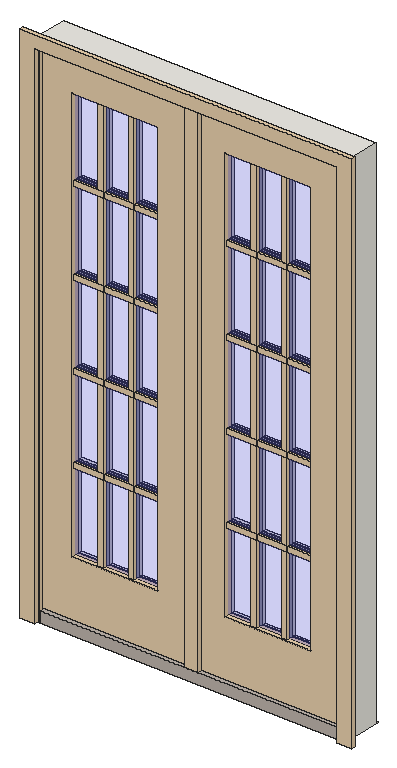
Revit family "Door-Inswing-Andersen-400_Series-Double 3", category Doors, host Wall, Revit 2013 (continued)
Lines and regions (in)
  symbolic lines, style "DoorsPanelProjection", detail levels fine
    curve 326: line (-4.91241, -3.469, 0) -> (-5.11744, -3.217, 0)
    curve 327: line (-5.11744, -3.217, 0) -> (-5.14844, -3.031, 0)
    curve 328: line (-5.14844, -3.031, 0) -> (-5.14844, -2.969, 0)
    curve 329: line (-5.14844, -2.969, 0) -> (-4.39844, -2.969, 0)
    curve 330: line (-4.39844, -3.53125, 0) -> (-4.39844, -2.219, 0)
    curve 331: line (-4.39844, -2.219, 0) -> (-5.14844, -2.219, 0)
    curve 332: line (-5.14844, -2.219, 0) -> (-5.14844, -2.125, 0)
    curve 333: line (-5.14844, -2.125, 0) -> (-5.11809, -1.81275, 0)
    curve 362: line (4.39844, -3.53125, 0) -> (4.39844, -3.469, 0)
    curve 363: line (4.39844, -3.469, 0) -> (4.91241, -3.469, 0)
    curve 364: line (4.91241, -3.469, 0) -> (5.11744, -3.217, 0)
    curve 365: line (5.11744, -3.217, 0) -> (5.14844, -3.031, 0)
    curve 366: line (5.14844, -3.031, 0) -> (5.14844, -2.969, 0)
    curve 367: line (5.14844, -2.969, 0) -> (4.39844, -2.969, 0)
    curve 368: line (4.39844, -3.53125, 0) -> (4.39844, -2.219, 0)
    curve 369: line (4.39844, -2.219, 0) -> (5.14844, -2.219, 0)
    curve 370: line (5.14844, -2.219, 0) -> (5.14844, -2.125, 0)
    curve 371: line (5.14844, -2.125, 0) -> (5.11809, -1.81275, 0)
  symbolic lines, style "DoorsPanelProjection", not visible, detail levels fine
    curve 181: line (13.375, -3.78125, 0) -> (13.375, -3.719, 0)
    curve 182: line (13.375, -3.719, 0) -> (12.86103, -3.719, 0)
    curve 183: line (12.86103, -3.719, 0) -> (12.656, -3.467, 0)
    curve 184: line (12.656, -3.467, 0) -> (12.625, -3.281, 0)
    curve 185: line (12.625, -3.281, 0) -> (12.625, -3.219, 0)
    curve 186: line (12.625, -3.219, 0) -> (13.375, -3.219, 0)
    curve 187: line (13.375, -3.78125, 0) -> (13.375, -2.469, 0)
    curve 188: line (13.375, -2.469, 0) -> (12.625, -2.469, 0)
    curve 189: line (12.625, -2.469, 0) -> (12.625, -2.375, 0)
    curve 190: line (12.625, -2.375, 0) -> (12.65534, -2.06275, 0)
    curve 343: line (11.20547, -15.95451, 0) -> (11.20547, -15.89226, 0)
    curve 344: line (11.20547, -15.89226, 0) -> (10.6915, -15.89226, 0)
    curve 345: line (10.6915, -15.89226, 0) -> (10.48647, -15.64026, 0)
    curve 346: line (10.48647, -15.64026, 0) -> (10.45547, -15.45426, 0)
    curve 347: line (10.45547, -15.45426, 0) -> (10.45547, -15.39226, 0)
    curve 348: line (10.45547, -15.39226, 0) -> (11.20547, -15.39226, 0)
    curve 349: line (11.20547, -15.95451, 0) -> (11.20547, -14.64226, 0)
    curve 350: line (11.20547, -14.64226, 0) -> (10.45547, -14.64226, 0)
    curve 351: line (10.45547, -14.64226, 0) -> (10.45547, -14.54826, 0)
    curve 352: line (10.45547, -14.54826, 0) -> (10.48581, -14.23601, 0)
  symbolic lines, style "DoorsGlassProjection", detail levels medium+fine
    curve 223: line (-5.14844, -2.21875, 0) -> (-18.375, -2.21875, 0)
    curve 224: line (-5.14844, -2.96875, 0) -> (-18.375, -2.96875, 0)
    curve 269: line (18.375, -2.96875, 0) -> (5.14844, -2.96875, 0)
    curve 408: line (18.375, -2.21875, 0) -> (5.14844, -2.21875, 0)
  symbolic lines, style "DoorsFrameMullionProjection", visible <- "xjamb Visibility", detail levels medium+fine
    curve 232: line (0, -3.9375, 79.25) -> (0, -4, 79.25)
  symbolic lines, style "DoorsFrameMullionProjection", visible <- "Interior Trim Visibility", detail levels fine
    curve 233: line (0, -4, 79.25) -> (0, -4.625, 79.25)
  symbolic lines, style "Plan Swing"
    curve 301: line (-22.8125, -3.53125, 0) -> (-22.8125, -25.63281, 0)
    curve 302: arc (-22.8125, -25.63281, 0) -> (-7.18434, -19.15941, 0) -> (-0.71094, -3.53125, 0) r 22.10156
    curve 392: line (22.8125, -3.53125, 0) -> (22.8125, -25.63281, 0)
    curve 393: arc (22.8125, -25.63281, 0) -> (7.18434, -19.15941, 0) -> (0.71094, -3.53125, 0) r 22.10156
  symbolic lines, style "Elevation Swing", detail levels medium+fine
    curve 304: line (-5.14844, -1.8125, 0) -> (-1.3004, -1.8125, 0)
    curve 305: line (-0.71112, -2.21875, 0) -> (-0.71112, -3.96875, 0)
  symbolic lines, style "Elevation Swing"
    curve 394: line (22.8125, -1.8125, 40.34375) -> (0.71094, -1.8125, 78.8125)
    curve 395: line (22.8125, -1.8125, 40.34375) -> (0.71094, -1.8125, 1.875)
    curve 396: line (22.8125, -3.53125, 40.34375) -> (0.71094, -3.53125, 78.8125)
    curve 397: line (22.8125, -3.53125, 40.34375) -> (0.71094, -3.53125, 1.875)
    curve 398: line (-22.8125, -1.8125, 40.34375) -> (-0.71094, -1.8125, 78.8125)
    curve 399: line (-22.8125, -1.8125, 40.34375) -> (-0.71094, -1.8125, 1.875)
    curve 400: line (-22.8125, -3.53125, 40.34375) -> (-0.71094, -3.53125, 1.875)
    curve 401: line (-22.8125, -3.53125, 40.34375) -> (-0.71094, -3.53125, 78.8125)
  symbolic lines, style "DoorsPanelProjection", detail levels medium
    curve 402: line (-18.375, -3.53125, 0) -> (-18.375, -1.81275, 0)
    curve 404: line (18.375, -3.53125, 0) -> (18.375, -1.81275, 0)
    curve 405: line (-5.14844, -3.53125, 0) -> (-5.14844, -1.8125, 0)
    curve 407: line (5.14844, -3.53125, 0) -> (5.14844, -1.8125, 0)
  symbolic lines, style "DoorsPanelProjection", not visible, detail levels medium
    curve 403: line (12.625, -3.78125, 0) -> (12.625, -2.06275, 0)
    curve 406: line (10.45547, -15.95451, 0) -> (10.45547, -14.23576, 0)
Text (in)
  text "Exterior" at (-74.96733, 27.31104, 0), in view "Ref. Level"
  text "Interior" at (-74.96733, -25.14366, 0), in view "Ref. Level"
  text "Exterior" at (0, 40.15149, 123.01588), in view "Right"
  text "Interior" at (0, -64.39139, 123.01588), in view "Right"
  text "Interior" at (0, -31.01599, 123.00693), in view "Left"
  text "Exterior" at (0, 54.57065, 123.00693), in view "Left"
Dimensions and locks (in)
  equal spacing: plane 3 "R Frame", plane 2 "Center (Left/Right)", plane 4 "L Frame"
  "CTRL Height": level to plane 5 "T Frame"
  "Width": plane 3 "R Frame" to plane 4 "L Frame"
  host wall to plane 5 "T Frame" = 6' - 8"
  locked: plane 8 "Interior Casing" to host wall at 0.625
  locked: plane 13 "Exterior Offset" to host wall at 1
  "Void Offset 1": plane 4 "L Frame" to Extrusion 2 sketch curve
  "Void Offset 1": plane 5 "T Frame" to Extrusion 2 sketch curve
  "Void Offset 1": Extrusion 2 sketch curve to plane 3 "R Frame"
  "casing1": plane 25 "L Casing 1" to plane 4 "L Frame"
  "Rough Opening Offset": plane 4 "L Frame" to plane 26 "L Rough Opening"
  "casing4": plane 4 "L Frame" to plane 22 "L Casing 4"
  "casing2": plane 24 "L Casing 2" to plane 22 "L Casing 4"
  "casing3": plane 23 "L Casing 3" to plane 22 "L Casing 4"
  "casing1": plane 3 "R Frame" to plane 16 "R Casing 1"
  "Rough Opening Offset": plane 15 "R Rough Opening" to plane 3 "R Frame"
  "casing4": plane 19 "R Casing 4" to plane 3 "R Frame"
  "casing2": plane 19 "R Casing 4" to plane 17 "R Casing 2"
  "casing3": plane 19 "R Casing 4" to plane 18 "R Casing 3"
  "casing1": plane 28 "T Casing 1" to plane 5 "T Frame"
  locked: plane 5 "T Frame" to plane 27 "T Rough Opening" at 0.5
  "casing4": plane 5 "T Frame" to plane 31 "T Casing 4"
  "casing2": plane 29 "T Casing 2" to plane 31 "T Casing 4"
  "casing3": plane 30 "T Casing 3" to plane 31 "T Casing 4"
  locked: plane 3 "R Frame" to plane 34 "R Xjamb 2" at 0.125
  locked: plane 3 "R Frame" to plane 35 "R Ext Frame" at 1.03125
  locked: plane 37 "L Xjamb 2" to plane 4 "L Frame" at 0.125
  locked: plane 38 "L Ext Frame" to plane 4 "L Frame" at 1.03125
  locked: plane 40 "T Xjamb 2" to plane 5 "T Frame" at 0.125
  locked: plane 41 "T Ext Frame" to plane 5 "T Frame" at 1.03125
  "Interior Trim Size": plane 41 "T Ext Frame" to plane 39 "T Int Casing"
  locked: plane 44 "T Panel" to plane 5 "T Frame" at 1.1875
  locked: plane 3 "R Frame" to plane 43 "R Panel" at 1.1875
  locked: plane 50 "Panel1 S1" to plane 51 "Panel1 S2" at 1.71875
  "xjamb S1": plane 52 "Xjamb S1" to plane 9 "Frame S2"
  locked: Extrusion 2 to host wall at 12
  "Void Depth": plane 13 "Exterior Offset" to Extrusion 2
  "Wall Thickness": host wall to host wall
  "Wall Depth": host wall to plane 10 "Flange"
  "Frame Depth": plane 53 "Frame S1" to plane 9 "Frame S2"
  locked: plane 53 "Frame S1" to plane 54 "Stop Exterior" at 2.51868
  locked: plane 55 "Stop Interior" to plane 9 "Frame S2" at 2.219
  "Panel Height": plane 45 "B Panel" to plane 44 "T Panel"
  "Sill Interior Offset": plane 9 "Frame S2" to plane 56 "Sill Interior"
  locked: plane 58 "L Stop" to plane 38 "L Ext Frame" at 1.03125
  locked: plane 35 "R Ext Frame" to plane 59 "R Stop" at 1.03125
  "Sill Depth": plane 57 "Sill Exterior" to plane 56 "Sill Interior"
  locked: plane 60 "T Stop" to plane 41 "T Ext Frame" at 1.03125
  "Sill Height": level to plane 61 "Sill Height"
  locked: curve 14 to plane 3 "R Frame" at 1.625
  locked: plane 4 "L Frame" to curve 15 at 1.625
  locked: plane 5 "T Frame" to curve 16 at 1.625
  locked: plane 51 "Panel1 S2" to plane 9 "Frame S2" at 0.46875
  locked: plane 50 "Panel1 S1" to plane 62 "Glass1 S1" at 0.40625
  locked: plane 62 "Glass1 S1" to plane 65 "Glass1 S4" at 0.75
  locked: plane 62 "Glass1 S1" to plane 64 "Glass1 S2" at 0.15625
  locked: plane 63 "Glass1 S3" to plane 65 "Glass1 S4" at 0.15625
  "HGO": plane 47 "T Glazing" to plane 5 "T Frame"
  "SGO": plane 46 "B Glazing" to level
  group 8 to group 7 = 0' - 4.6849"
  group 7 to group 8 = 0' - 0"  (x2)
  "VGB DLO": nested 2 to plane 48 "L Glazing"
  "VGB DLO": plane 49 "R Glazing" to nested 5
  equal spacing: plane 66 "Vert Bar length", nested 3, plane 47 "T Glazing"
  "TS V Bar Length": plane 66 "Vert Bar length" to plane 47 "T Glazing"
  "JGO": plane 3 "R Frame" to plane 49 "R Glazing"
  locked: plane 48 "L Glazing" to plane 42 "L Panel" at 4.4375
  "TS SH DLO": nested 4 to plane 5 "T Frame"
  equal spacing: group 9, group 23, group 24, group 10  (x2)
  equal spacing: group 10, group 24, group 23, group 9
  "TS HGB DLO": nested 6 to plane 47 "T Glazing"  (x2)
  "TS HGB DLO": plane 66 "Vert Bar length" to nested 7  (x2)
  "casingS1": plane 12 "Casing S1" to plane 53 "Frame S1"
  "casingS2": plane 11 "Casing S2" to plane 53 "Frame S1"
  locked: plane 67 "L Xjamb 1" to plane 4 "L Frame" at 0.75
  "Interior Trim Size": plane 67 "L Xjamb 1" to plane 36 "L Int Casing"
  locked: plane 3 "R Frame" to plane 68 "R Xjamb S1" at 0.75
  "Interior Trim Size": plane 33 "R Int Casing" to plane 68 "R Xjamb S1"
  plane 69 "T Xjamb S1" to plane 5 "T Frame" = 0' - 0 3/4"
  locked: plane 53 "Frame S1" to plane 10 "Flange" at 1.3125
  equal spacing: plane 45 "B Panel", plane 70 "Center Elevation", plane 44 "T Panel"
  "Panel Width": plane 43 "R Panel" to plane 42 "L Panel"
  locked: plane 71 "R of Right Panel" to plane 4 "L Frame" at 1.1875
  "Panel Width": plane 72 "Left of Right Panel" to plane 71 "R of Right Panel"
  locked: plane 72 "Left of Right Panel" to plane 74 "L Glazing Right Panel" at 4.4375
  "JGO": plane 73 "R Glazing of Right Panel" to plane 4 "L Frame"
  equal spacing: plane 43 "R Panel", plane 75 "Center of Left Panel", plane 42 "L Panel"
  equal spacing: plane 72 "Left of Right Panel", plane 76 "Center of Right Panel", plane 71 "R of Right Panel"
  "Panel Width": plane 51 "Panel1 S2" to curve 301
  plane 66 "Vert Bar length" to plane 47 "T Glazing" = 5' - 3 7/8"
  locked: plane 51 "Panel1 S2" to Sweep 22 sketch curve at 0.46875
  equal spacing: Sweep 22 sketch curve, plane 2 "Center (Left/Right)", Sweep 22 sketch curve  (x2)
  locked: Sweep 22 sketch curve to plane 2 "Center (Left/Right)" at 1.58823
  locked: Sweep 22 sketch curve to plane 2 "Center (Left/Right)" at 1.32729
  locked: plane 2 "Center (Left/Right)" to Sweep 22 sketch curve at 1.37983
  locked: Sweep 22 sketch curve to plane 2 "Center (Left/Right)" at 0.71094
  locked: Sweep 22 sketch curve to plane 50 "Panel1 S1" at 1.50447
  "Panel Width": plane 51 "Panel1 S2" to curve 393
  equal spacing: plane 66 "Vert Bar length", nested 12, plane 47 "T Glazing"
  "TS SH DLO": nested 11 to plane 5 "T Frame"
  "TS HGB DLO": nested 14 to plane 47 "T Glazing"
  equal spacing: group 19, group 25, group 26, group 20  (x2)
  equal spacing: group 20, group 26, group 25, group 19
  "TS HGB DLO": plane 66 "Vert Bar length" to nested 15
  "VGB DLO": nested 13 to plane 74 "L Glazing Right Panel"
  group 21 to group 22 = 0' - 4.6849"
  group 21 to group 22 = 0' - 0"  (x2)
  "VGB DLO": plane 73 "R Glazing of Right Panel" to nested 16
  locked: plane 50 "Panel1 S1" to Sweep 21 sketch curve at 0.43675
  equal spacing: plane 20 "R Masonry Opening", plane 2 "Center (Left/Right)", plane 21 "L Masonry Opening"
  "Masonry Width": plane 20 "R Masonry Opening" to plane 21 "L Masonry Opening"
  "Masonry Height": level to plane 32 "T Masonry Opening"
  "Panel Width": radius of curve 302
  "Panel Width": radius of curve 393
  aligned and locked: plane 6 "Wall S1" to host wall
  aligned and locked: plane 7 "Wall S2" to host wall
  aligned and locked: plane 5 "T Frame" to Extrusion 1 sketch curve
  aligned and locked: plane 4 "L Frame" to Extrusion 1 sketch curve
  aligned and locked: Extrusion 1 sketch curve to plane 3 "R Frame"
  aligned and locked: level to Extrusion 1 sketch curve
  aligned and locked: host wall to Extrusion 1
  aligned and locked: plane 10 "Flange" to Extrusion 1
  aligned and locked: level to Extrusion 2 sketch curve
  aligned and locked: level to Sweep 3 sketch curve  (x2)
  aligned and locked: plane 22 "L Casing 4" to Sweep 3 sketch curve  (x2)
  aligned and locked: plane 31 "T Casing 4" to Sweep 3 sketch curve
  aligned and locked: Sweep 3 sketch curve to plane 19 "R Casing 4"
  aligned and locked: plane 23 "L Casing 3" to Sweep 3 sketch curve
  aligned and locked: plane 11 "Casing S2" to Sweep 3 sketch curve
  aligned and locked: plane 24 "L Casing 2" to Sweep 3 sketch curve
  aligned and locked: Sweep 3 sketch curve to plane 12 "Casing S1"
  aligned and locked: plane 10 "Flange" to Sweep 3 sketch curve
  aligned and locked: Sweep 3 sketch curve to plane 25 "L Casing 1"
  aligned and locked: Sweep 3 sketch curve to plane 11 "Casing S2"
  aligned and locked: level to Extrusion 4 sketch curve  (x2)
  aligned and locked: plane 22 "L Casing 4" to Extrusion 4 sketch curve
  aligned and locked: Extrusion 4 sketch curve to plane 25 "L Casing 1"
  aligned and locked: plane 31 "T Casing 4" to Extrusion 4 sketch curve
  aligned and locked: Extrusion 4 sketch curve to plane 28 "T Casing 1"
  aligned and locked: Extrusion 4 sketch curve to plane 19 "R Casing 4"
  aligned and locked: plane 16 "R Casing 1" to Extrusion 4 sketch curve
  aligned and locked: Extrusion 4 to plane 10 "Flange"
  aligned and locked: plane 12 "Casing S1" to curve 1
  aligned and locked: plane 30 "T Casing 3" to curve 1
  aligned and locked: plane 29 "T Casing 2" to curve 1
  aligned and locked: plane 11 "Casing S2" to Sweep 3
  aligned and locked: plane 11 "Casing S2" to curve 2
  aligned and locked: plane 28 "T Casing 1" to curve 3
  aligned and locked: plane 5 "T Frame" to Masking region 1 sketch curve
  aligned and locked: Masking region 1 sketch curve to plane 10 "Flange"
  aligned and locked: Masking region 1 sketch curve to plane 31 "T Casing 4"
  aligned and locked: plane 12 "Casing S1" to Masking region 1 sketch curve
  aligned and locked: Masking region 1 sketch curve to level
  aligned and locked: plane 12 "Casing S1" to curve 4
  aligned and locked: Masking region 2 sketch curve to plane 3 "R Frame"
  aligned and locked: plane 4 "L Frame" to Masking region 2 sketch curve
  aligned and locked: plane 5 "T Frame" to Masking region 3 sketch curve
  aligned and locked: plane 9 "Frame S2" to Masking region 3 sketch curve
  aligned and locked: level to Masking region 3 sketch curve
  aligned and locked: plane 12 "Casing S1" to Masking region 4 sketch curve
  aligned and locked: plane 18 "R Casing 3" to Masking region 4 sketch curve
  aligned and locked: Masking region 4 sketch curve to plane 19 "R Casing 4"
  aligned and locked: plane 16 "R Casing 1" to Masking region 4 sketch curve
  aligned and locked: plane 3 "R Frame" to Masking region 4 sketch curve
  aligned and locked: Masking region 4 sketch curve to plane 11 "Casing S2"
  aligned and locked: plane 17 "R Casing 2" to Masking region 4 sketch curve
  aligned and locked: Masking region 4 sketch curve to plane 12 "Casing S1"
  aligned and locked: plane 24 "L Casing 2" to Masking region 5 sketch curve
  aligned and locked: plane 12 "Casing S1" to Masking region 5 sketch curve  (x2)
  aligned and locked: Masking region 5 sketch curve to plane 22 "L Casing 4"
  aligned and locked: plane 4 "L Frame" to Masking region 5 sketch curve
  aligned and locked: plane 25 "L Casing 1" to Masking region 5 sketch curve
  aligned and locked: plane 11 "Casing S2" to Masking region 5 sketch curve
  aligned and locked: plane 23 "L Casing 3" to Masking region 5 sketch curve
  aligned and locked: Masking region 6 sketch curve to plane 12 "Casing S1"
  aligned and locked: Masking region 6 sketch curve to plane 19 "R Casing 4"
  aligned and locked: plane 10 "Flange" to Masking region 6 sketch curve
  aligned and locked: plane 3 "R Frame" to Masking region 6 sketch curve
  aligned and locked: Masking region 7 sketch curve to plane 12 "Casing S1"
  aligned and locked: Masking region 7 sketch curve to plane 4 "L Frame"
  aligned and locked: plane 10 "Flange" to Masking region 7 sketch curve
  aligned and locked: plane 22 "L Casing 4" to Masking region 7 sketch curve
  aligned and locked: curve 4 to plane 5 "T Frame"
  aligned and locked: level to Extrusion 5 sketch curve  (x2)
  aligned and locked: Extrusion 5 sketch curve to plane 33 "R Int Casing"
  aligned and locked: plane 39 "T Int Casing" to Extrusion 5 sketch curve
  aligned and locked: plane 36 "L Int Casing" to Extrusion 5 sketch curve
  aligned and locked: Extrusion 5 to host wall
  aligned and locked: Extrusion 5 to plane 8 "Interior Casing"
  aligned and locked: level to Extrusion 6 sketch curve  (x2)
  aligned and locked: Extrusion 6 sketch curve to plane 34 "R Xjamb 2"
  aligned and locked: plane 40 "T Xjamb 2" to Extrusion 6 sketch curve
  aligned and locked: plane 37 "L Xjamb 2" to Extrusion 6 sketch curve
  aligned and locked: plane 52 "Xjamb S1" to Extrusion 6
  aligned and locked: host wall to Extrusion 6
  aligned and locked: plane 10 "Flange" to Masking region 4 sketch curve
  aligned and locked: Masking region 5 sketch curve to plane 10 "Flange"
  aligned and locked: level to Sweep 7 sketch curve  (x2)
  aligned and locked: plane 4 "L Frame" to Sweep 7 sketch curve  (x2)
  aligned and locked: Sweep 7 sketch curve to plane 3 "R Frame"
  aligned and locked: plane 5 "T Frame" to Sweep 7 sketch curve
  aligned and locked: plane 5 "T Frame" to Sweep 8 sketch curve
  aligned and locked: plane 4 "L Frame" to Sweep 8 sketch curve  (x2)
  aligned and locked: Sweep 8 sketch curve to plane 3 "R Frame"
  aligned and locked: Sweep 8 sketch curve to plane 53 "Frame S1"
  aligned and locked: plane 9 "Frame S2" to Sweep 8 sketch curve
  aligned and locked: plane 4 "L Frame" to Sweep 9 sketch curve
  aligned and locked: plane 3 "R Frame" to Sweep 9 sketch curve
  aligned and locked: Sweep 9 sketch curve to level
  aligned and locked: plane 45 "B Panel" to Sweep 10 sketch curve  (x2)
  aligned and locked: plane 56 "Sill Interior" to Sweep 10 sketch curve
  aligned and locked: Sweep 10 sketch curve to plane 57 "Sill Exterior"
  aligned and locked: level to Sweep 10 sketch curve
  aligned and locked: Masking region 2 sketch curve to plane 57 "Sill Exterior"
  aligned and locked: plane 56 "Sill Interior" to Masking region 2 sketch curve
  aligned and locked: plane 9 "Frame S2" to curve 5
  aligned and locked: Masking region 8 sketch curve to plane 19 "R Casing 4"
  aligned and locked: plane 22 "L Casing 4" to Masking region 8 sketch curve
  aligned and locked: level to Masking region 8 sketch curve  (x2)
  aligned and locked: level to Masking region 9 sketch curve  (x2)
  aligned and locked: plane 36 "L Int Casing" to Masking region 9 sketch curve
  aligned and locked: Masking region 9 sketch curve to plane 33 "R Int Casing"
  aligned and locked: plane 39 "T Int Casing" to Masking region 9 sketch curve
  aligned and locked: plane 31 "T Casing 4" to Masking region 8 sketch curve
  aligned and locked: plane 5 "T Frame" to Masking region 9 sketch curve
  aligned and locked: plane 4 "L Frame" to Masking region 9 sketch curve
  aligned and locked: Masking region 9 sketch curve to plane 3 "R Frame"
  aligned and locked: Masking region 10 sketch curve to plane 59 "R Stop"
  aligned and locked: plane 58 "L Stop" to Masking region 10 sketch curve
  aligned and locked: level to Masking region 10 sketch curve
  aligned and locked: plane 60 "T Stop" to Masking region 10 sketch curve  (x2)
  aligned and locked: curve 6 to plane 58 "L Stop"
  aligned and locked: curve 7 to plane 59 "R Stop"
  aligned and locked: Masking region 10 sketch curve to plane 3 "R Frame"
  aligned and locked: plane 5 "T Frame" to Masking region 10 sketch curve
  aligned and locked: plane 4 "L Frame" to Masking region 10 sketch curve
  aligned and locked: plane 25 "L Casing 1" to Masking region 8 sketch curve
  aligned and locked: plane 28 "T Casing 1" to Masking region 8 sketch curve
  aligned and locked: Masking region 8 sketch curve to plane 16 "R Casing 1"
  aligned and locked: Masking region 10 sketch curve to plane 61 "Sill Height"  (x2)
  aligned and locked: curve 8 to plane 35 "R Ext Frame"
  aligned and locked: curve 9 to plane 38 "L Ext Frame"
  aligned and locked: plane 3 "R Frame" to curve 14
  aligned and locked: curve 14 to plane 10 "Flange"
  aligned and locked: plane 4 "L Frame" to curve 15
  aligned and locked: plane 5 "T Frame" to curve 16
  aligned and locked: plane 10 "Flange" to curve 16
  aligned and locked: plane 9 "Frame S2" to Sweep 7 sketch curve
  aligned and locked: Sweep 7 sketch curve to plane 38 "L Ext Frame"  (x2)
  aligned and locked: Sweep 7 sketch curve to plane 53 "Frame S1"
  aligned and locked: Sweep 7 sketch curve to plane 58 "L Stop"
  aligned and locked: curve 59 to plane 53 "Frame S1"
  aligned and locked: plane 53 "Frame S1" to curve 45
  aligned and locked: plane 4 "L Frame" to curve 39
  aligned and locked: plane 3 "R Frame" to curve 53
  aligned and locked: plane 55 "Stop Interior" to Sweep 7 sketch curve
  aligned and locked: Sweep 8 sketch curve to plane 38 "L Ext Frame"
  aligned and locked: Sweep 9 sketch curve to plane 56 "Sill Interior"
  aligned and locked: level to Sweep 9 sketch curve
  aligned and locked: Sweep 9 sketch curve to plane 57 "Sill Exterior"
  aligned and locked: Sweep 9 sketch curve to plane 61 "Sill Height"
  aligned and locked: curve 94 to plane 61 "Sill Height"
  aligned and locked: curve 88 to plane 56 "Sill Interior"
  aligned and locked: plane 46 "B Glazing" to Sweep 11 sketch curve  (x2)
  aligned and locked: Sweep 11 sketch curve to plane 45 "B Panel"
  aligned and locked: plane 51 "Panel1 S2" to Sweep 11 sketch curve  (x2)
  aligned and locked: plane 44 "T Panel" to Sweep 11 sketch curve
  aligned and locked: Sweep 11 sketch curve to plane 47 "T Glazing"
  aligned and locked: Sweep 11 sketch curve to plane 62 "Glass1 S1"  (x2)
  aligned and locked: plane 46 "B Glazing" to Sweep 12 sketch curve  (x2)
  aligned and locked: Sweep 12 sketch curve to plane 50 "Panel1 S1"  (x2)
  aligned and locked: plane 62 "Glass1 S1" to Sweep 12 sketch curve  (x2)
  aligned and locked: Sweep 12 sketch curve to plane 47 "T Glazing"
  aligned and locked: plane 44 "T Panel" to Sweep 12 sketch curve
  aligned and locked: plane 48 "L Glazing" to Sweep 11 sketch curve
  aligned and locked: plane 49 "R Glazing" to Sweep 11 sketch curve
  aligned and locked: plane 49 "R Glazing" to Sweep 12 sketch curve
  aligned and locked: plane 48 "L Glazing" to Sweep 12 sketch curve
  aligned and locked: plane 45 "B Panel" to Sweep 13 sketch curve
  aligned and locked: Sweep 13 sketch curve to plane 2 "Center (Left/Right)"
  aligned and locked: plane 44 "T Panel" to Sweep 13 sketch curve
  aligned and locked: plane 49 "R Glazing" to Sweep 13 sketch curve
  aligned and locked: plane 51 "Panel1 S2" to Sweep 13 sketch curve
  aligned and locked: Sweep 13 sketch curve to plane 62 "Glass1 S1"
  aligned and locked: Sweep 13 sketch curve to plane 43 "R Panel"
  aligned and locked: Sweep 13 sketch curve to plane 42 "L Panel"
  aligned and locked: Sweep 13 sketch curve to plane 51 "Panel1 S2"
  aligned and locked: plane 62 "Glass1 S1" to Sweep 13 sketch curve
  aligned and locked: plane 48 "L Glazing" to Sweep 13 sketch curve
  aligned and locked: plane 44 "T Panel" to Sweep 14 sketch curve
  aligned and locked: Sweep 14 sketch curve to plane 2 "Center (Left/Right)"
  aligned and locked: plane 45 "B Panel" to Sweep 14 sketch curve
  aligned and locked: Sweep 14 sketch curve to plane 50 "Panel1 S1"
  aligned and locked: Sweep 14 sketch curve to plane 43 "R Panel"
  aligned and locked: plane 49 "R Glazing" to Sweep 14 sketch curve
  aligned and locked: plane 62 "Glass1 S1" to Sweep 14 sketch curve
  aligned and locked: plane 50 "Panel1 S1" to Sweep 14 sketch curve
  aligned and locked: plane 48 "L Glazing" to Sweep 14 sketch curve
  aligned and locked: Sweep 14 sketch curve to plane 42 "L Panel"
  aligned and locked: Sweep 14 sketch curve to plane 62 "Glass1 S1"
  aligned and locked: Sweep 15 sketch curve to plane 43 "R Panel"
  aligned and locked: plane 42 "L Panel" to Sweep 15 sketch curve
  aligned and locked: Sweep 15 sketch curve to plane 45 "B Panel"  (x2)
  aligned and locked: plane 44 "T Panel" to Sweep 15 sketch curve
  aligned and locked: Sweep 15 sketch curve to plane 50 "Panel1 S1"
  aligned and locked: plane 46 "B Glazing" to Sweep 16 sketch curve  (x2)
  aligned and locked: plane 62 "Glass1 S1" to Sweep 16 sketch curve
  aligned and locked: plane 47 "T Glazing" to Sweep 16 sketch curve
  aligned and locked: Sweep 16 sketch curve to plane 49 "R Glazing"
  aligned and locked: plane 48 "L Glazing" to Sweep 16 sketch curve
  aligned and locked: Sweep 16 sketch curve to plane 46 "B Glazing"
  aligned and locked: curve 155 to plane 63 "Glass1 S3"
  aligned and locked: curve 156 to plane 64 "Glass1 S2"
  aligned and locked: plane 46 "B Glazing" to curve 156
  aligned and locked: plane 46 "B Glazing" to curve 155
  aligned and locked: plane 47 "T Glazing" to curve 155
  aligned and locked: plane 47 "T Glazing" to curve 156
  aligned and locked: plane 47 "T Glazing" to curve 157
  aligned and locked: plane 47 "T Glazing" to curve 158
  aligned and locked: plane 46 "B Glazing" to curve 157
  aligned and locked: plane 46 "B Glazing" to curve 158
  aligned and locked: curve 157 to plane 65 "Glass1 S4"
  aligned and locked: curve 158 to plane 62 "Glass1 S1"
  aligned and locked: plane 47 "T Glazing" to curve 159
  aligned and locked: plane 46 "B Glazing" to curve 159
  aligned and locked: curve 159 to plane 51 "Panel1 S2"
  aligned and locked: plane 47 "T Glazing" to curve 160
  aligned and locked: plane 46 "B Glazing" to curve 160
  aligned and locked: curve 160 to plane 50 "Panel1 S1"
  aligned and locked: plane 64 "Glass1 S2" to curve 221
  aligned and locked: plane 49 "R Glazing" to curve 221
  aligned and locked: plane 48 "L Glazing" to curve 221
  aligned and locked: plane 48 "L Glazing" to curve 222
  aligned and locked: plane 63 "Glass1 S3" to curve 222
  aligned and locked: plane 49 "R Glazing" to curve 222
  aligned and locked: plane 62 "Glass1 S1" to curve 223
  aligned and locked: plane 49 "R Glazing" to curve 223
  aligned and locked: plane 65 "Glass1 S4" to curve 224
  aligned and locked: plane 49 "R Glazing" to curve 224
  aligned and locked: plane 48 "L Glazing" to curve 224
  aligned and locked: plane 48 "L Glazing" to curve 223
  aligned and locked: plane 48 "L Glazing" to curve 225
  aligned and locked: plane 49 "R Glazing" to curve 225
  aligned and locked: plane 50 "Panel1 S1" to curve 225
  aligned and locked: plane 49 "R Glazing" to curve 226
  aligned and locked: plane 48 "L Glazing" to curve 226
  aligned and locked: Masking region 11 sketch curve to plane 43 "R Panel"
  aligned and locked: Masking region 11 sketch curve to plane 45 "B Panel"  (x2)
  aligned and locked: plane 42 "L Panel" to Masking region 11 sketch curve
  aligned and locked: plane 44 "T Panel" to Masking region 11 sketch curve  (x2)
  aligned and locked: curve 230 to plane 49 "R Glazing"
  aligned and locked: curve 229 to plane 46 "B Glazing"
  aligned and locked: plane 47 "T Glazing" to curve 227
  aligned and locked: plane 48 "L Glazing" to curve 228
  aligned and locked: nested 1 to plane 47 "T Glazing"
  aligned and locked: nested 2 to plane 47 "T Glazing"
  aligned and locked: nested 5 to plane 47 "T Glazing"
  aligned and locked: nested 4 to plane 48 "L Glazing"
  aligned and locked: nested 3 to plane 48 "L Glazing"
  aligned and locked: nested 6 to plane 48 "L Glazing"
  aligned and locked: nested 7 to plane 48 "L Glazing"
  aligned and locked: plane 37 "L Xjamb 2" to curve 231
  aligned and locked: plane 38 "L Ext Frame" to curve 231
  aligned and locked: plane 53 "Frame S1" to curve 231
  aligned and locked: plane 67 "L Xjamb 1" to Extrusion 6 sketch curve
  aligned and locked: Extrusion 6 sketch curve to plane 68 "R Xjamb S1"
  aligned and locked: plane 69 "T Xjamb S1" to Extrusion 6 sketch curve
  aligned and locked: Extrusion 5 sketch curve to plane 68 "R Xjamb S1"
  aligned and locked: plane 69 "T Xjamb S1" to Extrusion 5 sketch curve
  aligned and locked: plane 67 "L Xjamb 1" to Extrusion 5 sketch curve
  aligned and locked: Masking region 12 sketch curve to plane 33 "R Int Casing"
  aligned and locked: host wall to Masking region 12 sketch curve
  aligned and locked: plane 68 "R Xjamb S1" to Masking region 12 sketch curve
  aligned and locked: plane 8 "Interior Casing" to Masking region 12 sketch curve
  aligned and locked: Masking region 13 sketch curve to plane 52 "Xjamb S1"
  aligned and locked: plane 68 "R Xjamb S1" to Masking region 13 sketch curve
  aligned and locked: Masking region 13 sketch curve to host wall
  aligned and locked: Masking region 13 sketch curve to plane 34 "R Xjamb 2"
  aligned and locked: host wall to Masking region 14 sketch curve
  aligned and locked: plane 36 "L Int Casing" to Masking region 14 sketch curve
  aligned and locked: plane 8 "Interior Casing" to Masking region 14 sketch curve
  aligned and locked: Masking region 14 sketch curve to plane 67 "L Xjamb 1"
  aligned and locked: Masking region 15 sketch curve to plane 52 "Xjamb S1"
  aligned and locked: plane 37 "L Xjamb 2" to Masking region 15 sketch curve
  aligned and locked: Masking region 15 sketch curve to host wall
  aligned and locked: Masking region 15 sketch curve to plane 67 "L Xjamb 1"
  aligned and locked: Masking region 16 sketch curve to plane 52 "Xjamb S1"
  aligned and locked: plane 40 "T Xjamb 2" to Masking region 16 sketch curve
  aligned and locked: Masking region 16 sketch curve to host wall
  aligned and locked: level to Masking region 16 sketch curve
  aligned and locked: host wall to Masking region 17 sketch curve
  aligned and locked: plane 39 "T Int Casing" to Masking region 17 sketch curve
  aligned and locked: plane 8 "Interior Casing" to Masking region 17 sketch curve
  aligned and locked: level to Masking region 17 sketch curve
  aligned and locked: plane 52 "Xjamb S1" to curve 232
  aligned and locked: plane 8 "Interior Casing" to curve 233
  aligned and locked: host wall to curve 233
  aligned and locked: plane 69 "T Xjamb S1" to curve 232
  aligned and locked: plane 69 "T Xjamb S1" to curve 233
  aligned and locked: plane 10 "Flange" to curve 15
  aligned and locked: curve 242 to plane 5 "T Frame"
  aligned and locked: curve 241 to plane 9 "Frame S2"
  aligned and locked: Split face 1 sketch curve to plane 62 "Glass1 S1"
  aligned and locked: plane 62 "Glass1 S1" to Split face 2 sketch curve
  aligned and locked: Split face 3 sketch curve to plane 62 "Glass1 S1"
  aligned and locked: plane 62 "Glass1 S1" to Split face 4 sketch curve
  aligned and locked: plane 74 "L Glazing Right Panel" to Sweep 17 sketch curve
  aligned and locked: Sweep 17 sketch curve to plane 72 "Left of Right Panel"
  aligned and locked: Sweep 17 sketch curve to plane 71 "R of Right Panel"
  aligned and locked: plane 73 "R Glazing of Right Panel" to Sweep 17 sketch curve
  aligned and locked: plane 74 "L Glazing Right Panel" to curve 267
  aligned and locked: plane 73 "R Glazing of Right Panel" to curve 267
  aligned and locked: plane 73 "R Glazing of Right Panel" to curve 268
  aligned and locked: plane 74 "L Glazing Right Panel" to curve 268
  aligned and locked: plane 74 "L Glazing Right Panel" to curve 269
  aligned and locked: plane 73 "R Glazing of Right Panel" to curve 269
  aligned and locked: plane 74 "L Glazing Right Panel" to curve 270
  aligned and locked: plane 73 "R Glazing of Right Panel" to curve 270
  aligned and locked: nested 1 to plane 76 "Center of Right Panel"
  aligned and locked: plane 75 "Center of Left Panel" to nested 8
  aligned and locked: plane 74 "L Glazing Right Panel" to Sweep 16 sketch curve
  aligned and locked: Sweep 16 sketch curve to plane 47 "T Glazing"
  aligned and locked: Sweep 16 sketch curve to plane 73 "R Glazing of Right Panel"
  aligned and locked: plane 73 "R Glazing of Right Panel" to Sweep 18 sketch curve
  aligned and locked: plane 74 "L Glazing Right Panel" to Sweep 18 sketch curve
  aligned and locked: plane 44 "T Panel" to Sweep 18 sketch curve
  aligned and locked: Sweep 18 sketch curve to plane 47 "T Glazing"
  aligned and locked: plane 51 "Panel1 S2" to Sweep 18 sketch curve  (x2)
  aligned and locked: Sweep 18 sketch curve to plane 62 "Glass1 S1"  (x2)
  aligned and locked: Sweep 18 sketch curve to plane 45 "B Panel"
  aligned and locked: plane 73 "R Glazing of Right Panel" to Sweep 19 sketch curve
  aligned and locked: plane 74 "L Glazing Right Panel" to Sweep 19 sketch curve
  aligned and locked: plane 45 "B Panel" to Sweep 19 sketch curve
  aligned and locked: Sweep 19 sketch curve to plane 62 "Glass1 S1"  (x2)
  aligned and locked: plane 50 "Panel1 S1" to Sweep 19 sketch curve  (x2)
  aligned and locked: Sweep 19 sketch curve to plane 44 "T Panel"
  aligned and locked: plane 47 "T Glazing" to Sweep 19 sketch curve
  aligned and locked: plane 45 "B Panel" to Sweep 20 sketch curve
  aligned and locked: plane 44 "T Panel" to Sweep 20 sketch curve
  aligned and locked: Sweep 20 sketch curve to plane 2 "Center (Left/Right)"
  aligned and locked: Sweep 20 sketch curve to plane 50 "Panel1 S1"
  aligned and locked: plane 62 "Glass1 S1" to Sweep 20 sketch curve
  aligned and locked: plane 50 "Panel1 S1" to Sweep 20 sketch curve
  aligned and locked: Sweep 20 sketch curve to plane 62 "Glass1 S1"
  aligned and locked: Sweep 20 sketch curve to plane 71 "R of Right Panel"
  aligned and locked: plane 73 "R Glazing of Right Panel" to Sweep 20 sketch curve
  aligned and locked: plane 74 "L Glazing Right Panel" to Sweep 20 sketch curve
  aligned and locked: Sweep 20 sketch curve to plane 72 "Left of Right Panel"
  aligned and locked: plane 45 "B Panel" to Sweep 21 sketch curve
  aligned and locked: plane 72 "Left of Right Panel" to Sweep 21 sketch curve
  aligned and locked: Sweep 21 sketch curve to plane 71 "R of Right Panel"
  aligned and locked: Sweep 21 sketch curve to plane 45 "B Panel"
  aligned and locked: Sweep 21 sketch curve to plane 50 "Panel1 S1"
  aligned and locked: curve 274 to plane 74 "L Glazing Right Panel"
  aligned and locked: plane 73 "R Glazing of Right Panel" to curve 272
  aligned and locked: plane 47 "T Glazing" to curve 271
  aligned and locked: Masking region 11 sketch curve to plane 72 "Left of Right Panel"
  aligned and locked: plane 71 "R of Right Panel" to Masking region 11 sketch curve
  aligned and locked: Sweep 22 sketch curve to plane 75 "Center of Left Panel"
  aligned and locked: plane 43 "R Panel" to curve 301
  aligned and locked: plane 42 "L Panel" to curve 302
  aligned and locked: curve 301 to curve 302
  aligned and locked: plane 47 "T Glazing" to nested 8
  aligned and locked: curve 273 to plane 46 "B Glazing"
  aligned and locked: Sweep 18 sketch curve to plane 46 "B Glazing"
  aligned and locked: curve 320 to plane 50 "Panel1 S1"
  aligned and locked: curve 332 to plane 48 "L Glazing"
  aligned and locked: curve 338 to plane 51 "Panel1 S2"
  aligned and locked: curve 366 to plane 74 "L Glazing Right Panel"
  aligned and locked: plane 51 "Panel1 S2" to curve 376  (x2)
  aligned and locked: curve 276 to plane 50 "Panel1 S1"
  aligned and locked: Sweep 22 sketch curve to plane 50 "Panel1 S1"
  aligned and locked: plane 50 "Panel1 S1" to Sweep 22 sketch curve
  aligned and locked: plane 72 "Left of Right Panel" to Sweep 22 sketch curve
  aligned and locked: Sweep 22 sketch curve to plane 51 "Panel1 S2"
  aligned and locked: curve 392 to curve 393
  aligned and locked: plane 71 "R of Right Panel" to curve 392
  aligned and locked: plane 51 "Panel1 S2" to curve 318
  aligned and locked: curve 303 to plane 72 "Left of Right Panel"
  aligned and locked: nested 14 to plane 73 "R Glazing of Right Panel"
  aligned and locked: nested 15 to plane 73 "R Glazing of Right Panel"
  aligned and locked: nested 13 to plane 47 "T Glazing"
  aligned and locked: plane 5 "T Frame" to Sweep 23 sketch curve
  aligned and locked: plane 2 "Center (Left/Right)" to Sweep 23 sketch curve
  aligned and locked: Sweep 23 sketch curve to plane 9 "Frame S2"
  aligned and locked: Sweep 22 to Sweep 23 sketch curve
  aligned and locked: Sweep 23 sketch curve to plane 72 "Left of Right Panel"
  aligned and locked: plane 42 "L Panel" to Sweep 23 sketch curve
  aligned and locked: curve 396 to curve 394
  aligned and locked: curve 397 to curve 395
  aligned and locked: curve 400 to curve 399
  aligned and locked: curve 401 to curve 398
  aligned and locked: plane 72 "Left of Right Panel" to curve 395
  aligned and locked: plane 45 "B Panel" to curve 395
  aligned and locked: plane 72 "Left of Right Panel" to curve 397
  aligned and locked: plane 45 "B Panel" to curve 397
  aligned and locked: plane 71 "R of Right Panel" to curve 395
  aligned and locked: plane 70 "Center Elevation" to curve 395
  aligned and locked: plane 72 "Left of Right Panel" to curve 396
  aligned and locked: plane 72 "Left of Right Panel" to curve 394
  aligned and locked: plane 44 "T Panel" to curve 394
  aligned and locked: plane 44 "T Panel" to curve 396
  aligned and locked: plane 42 "L Panel" to curve 399
  aligned and locked: plane 42 "L Panel" to curve 400
  aligned and locked: plane 45 "B Panel" to curve 399
  aligned and locked: plane 45 "B Panel" to curve 400
  aligned and locked: plane 70 "Center Elevation" to curve 399
  aligned and locked: plane 43 "R Panel" to curve 399
  aligned and locked: plane 44 "T Panel" to curve 398
  aligned and locked: plane 42 "L Panel" to curve 398
  aligned and locked: plane 44 "T Panel" to curve 401
  aligned and locked: plane 44 "T Panel" to cut or joined group of Sweep 11, Sweep 13, Sweep 15
  aligned and locked: plane 62 "Glass1 S1" to curve 408
  aligned and locked: Sweep 21 sketch curve to plane 44 "T Panel"
  aligned and locked: plane 65 "Glass1 S4" to Sweep 16 sketch curve
  aligned and locked: nested 16 to plane 47 "T Glazing"
  aligned and locked: Masking region 10 sketch curve to cut or joined group of Sweep 7, Sweep 22, Sweep 24
  aligned and locked: cut or joined group of Sweep 7, Sweep 22, Sweep 24 to Masking region 10 sketch curve
  aligned and locked: Masking region 10 to curve 409  (x2)
  aligned and locked: plane 60 "T Stop" to curve 409
  aligned and locked: Masking region 10 to curve 410  (x2)
  aligned and locked: plane 61 "Sill Height" to curve 410
  aligned and locked: plane 46 "B Glazing" to Sweep 19 sketch curve  (x2)
  aligned and locked: plane 45 "B Panel" to Sweep 23 sketch curve
  aligned and locked: Split face 6 sketch curve to plane 62 "Glass1 S1"
  aligned and locked: plane 62 "Glass1 S1" to Split face 7 sketch curve
  aligned and locked: Sweep 24 sketch curve to level
  aligned and locked: level to Sweep 24 sketch curve
  aligned and locked: Sweep 24 sketch curve to plane 57 "Sill Exterior"
  aligned and locked: Sweep 24 sketch curve to plane 56 "Sill Interior"
  aligned and locked: Sweep 24 sketch curve to plane 61 "Sill Height"
  aligned and locked: plane 48 "L Glazing" to Sweep 24 sketch curve
  aligned and locked: plane 74 "L Glazing Right Panel" to Sweep 24 sketch curve
  aligned and locked: Sweep 25 sketch curve to plane 2 "Center (Left/Right)"
  aligned and locked: plane 66 "Vert Bar length" to Sweep 25 sketch curve
  aligned and locked: level to Sweep 25 sketch curve
  aligned and locked: plane 4 "L Frame" to Sweep 25 sketch curve
  aligned and locked: plane 9 "Frame S2" to Sweep 25 sketch curve
  aligned and locked: Sweep 25 sketch curve to plane 38 "L Ext Frame"  (x2)
  aligned and locked: Sweep 25 sketch curve to plane 58 "L Stop"
  aligned and locked: Sweep 25 sketch curve to plane 53 "Frame S1"
  aligned and locked: plane 55 "Stop Interior" to Sweep 25 sketch curve
  aligned and locked: plane 3 "R Frame" to Sweep 25 sketch curve
  aligned and locked: Sweep 25 sketch curve to plane 35 "R Ext Frame"  (x2)
  aligned and locked: Sweep 25 sketch curve to plane 59 "R Stop"
  aligned and locked: Sweep 25 sketch curve to plane 55 "Stop Interior"
  aligned and locked: plane 53 "Frame S1" to Sweep 25 sketch curve
  aligned and locked: Sweep 25 sketch curve to plane 9 "Frame S2"
  aligned and locked: plane 69 "T Xjamb S1" to Sweep 22 sketch curve
  aligned and locked: nested 11 to plane 73 "R Glazing of Right Panel"
  aligned and locked: nested 12 to plane 73 "R Glazing of Right Panel"
  aligned and locked: plane 3 "R Frame" to Sweep 10 sketch curve
  aligned and locked: plane 4 "L Frame" to Sweep 10 sketch curve
  aligned and locked: Sweep 26 sketch curve to plane 2 "Center (Left/Right)"
  aligned and locked: plane 66 "Vert Bar length" to Sweep 26 sketch curve
  aligned and locked: level to Sweep 26 sketch curve
  aligned and locked: Sweep 26 sketch curve to plane 3 "R Frame"
  aligned and locked: plane 35 "R Ext Frame" to Sweep 26 sketch curve
  aligned and locked: plane 9 "Frame S2" to Sweep 26 sketch curve
  aligned and locked: Sweep 26 sketch curve to plane 53 "Frame S1"
  aligned and locked: plane 53 "Frame S1" to Sweep 26 sketch curve
  aligned and locked: Sweep 26 sketch curve to plane 4 "L Frame"
  aligned and locked: plane 38 "L Ext Frame" to Sweep 26 sketch curve
  aligned and locked: Sweep 26 sketch curve to plane 9 "Frame S2"
  aligned and locked: Sweep 25 sketch curve to cut or joined group of Sweep 7, Sweep 22, Sweep 24  (x3)
Automatic sketch dimensions
  curve 20 to curve 20 = 0' - 0.2407"
  curve 20 to curve 27 = 0' - 1.00115"
  curve 26 to curve 19 = 0' - 0.15518"
  curve 19 to curve 19 = 0' - 1.13732"
  curve 24 to curve 18 = 0' - 0.437"
  curve 17 to curve 22 = 0' - 1.782"
  curve 21 to curve 20 = 0' - 1.12165"
  curve 19 to curve 18 = 0' - 0.4525"
  curve 18 to curve 23 = 0' - 0.57875"
  curve 20 to curve 21 = 0' - 0 11/32"
  curve 17 to curve 22 = 0' - 1 1/32"
  curve 37 to curve 37 = 0' - 0.2407"
  curve 37 to curve 44 = 0' - 1.00115"
  curve 43 to curve 36 = 0' - 0.15518"
  curve 36 to curve 36 = 0' - 1.13732"
  curve 41 to curve 35 = 0' - 0.437"
  curve 34 to curve 39 = 0' - 1.782"
  curve 38 to curve 37 = 0' - 1.12165"
  curve 36 to curve 35 = 0' - 0.4525"
  curve 35 to curve 40 = 0' - 0.57875"
  curve 37 to curve 38 = 0' - 0 11/32"
  curve 34 to curve 39 = 0' - 1 1/32"
  curve 51 to curve 51 = 0' - 0.2407"
  curve 58 to curve 51 = 0' - 1.00115"
  curve 50 to curve 57 = 0' - 0.15518"
  curve 50 to curve 50 = 0' - 1.13732"
  curve 49 to curve 55 = 0' - 0.437"
  curve 53 to curve 48 = 0' - 1.782"
  curve 51 to curve 52 = 0' - 1.12165"
  curve 50 to curve 49 = 0' - 0.4525"
  curve 49 to curve 54 = 0' - 0.57875"
  curve 51 to curve 52 = 0' - 0 11/32"
  curve 48 to curve 53 = 0' - 1 1/32"
  plane 51 "Panel1 S2" to curve 306 = 0' - 1 13/32"
  plane 51 "Panel1 S2" to curve 307 = 0' - 1.31225"
  plane 51 "Panel1 S2" to curve 311 = 0' - 0.56225"
  plane 51 "Panel1 S2" to curve 306 = 0' - 1.7185"
  plane 51 "Panel1 S2" to curve 316 = 0' - 1.07301"
  curve 319 to plane 51 "Panel1 S2" = 0' - 0"
  curve 306 to curve 306 = 0' - 0.31372"
  curve 309 to curve 317 = 0' - 0.57598"
  curve 312 to curve 316 = 0' - 3.07227"
  curve 315 to curve 318 = 0' - 1.23743"
  curve 313 to curve 311 = 0' - 0.1565"
  curve 312 to curve 307 = 0' - 0.156"
  curve 310 to curve 312 = 0' - 0.21"  (x2)
  curve 318 to curve 316 = 0' - 0.01222"  (x2)
  curve 309 to curve 313 = 0' - 0.1565"
  curve 312 to curve 308 = 0' - 0.156"
  curve 275 to curve 277 = 0' - 0.23996"
  curve 277 to curve 385 = 0' - 0.61617"
  curve 279 to curve 283 = 0' - 1.42224"
  curve 283 to curve 284 = 0' - 0.61617"
  curve 282 to curve 281 = 0' - 0.66871"
  curve 285 to curve 287 = 0' - 0.23996"
  curve 387 to curve 283 = 0' - 0.00598"
  curve 387 to curve 285 = 0' - 0"
  curve 280 to curve 281 = 0' - 0.51266"
  curve 279 to curve 278 = 0' - 1.54176"
  curve 281 to curve 284 = 0' - 1.02909"
  curve 284 to curve 287 = 0' - 0.64574"
  curve 277 to curve 276 = 0' - 0.64574"
  curve 286 to curve 287 = 0' - 1.50447"
  curve 386 to curve 283 = 0' - 0"
  curve 387 to curve 285 = 0' - 0.00025"
  curve 288 to curve 290 = 0' - 0.23996"
  curve 290 to curve 389 = 0' - 0.61617"
  curve 292 to curve 296 = 0' - 1.42224"
  curve 296 to curve 297 = 0' - 0.61617"
  curve 295 to curve 294 = 0' - 0.66871"
  curve 298 to curve 300 = 0' - 0.23996"
  curve 391 to curve 296 = 0' - 0.00598"
  curve 391 to curve 298 = 0' - 0"
  curve 293 to curve 294 = 0' - 0.51266"
  curve 292 to curve 291 = 0' - 1.54176"
  curve 294 to curve 297 = 0' - 1.02909"
  curve 297 to curve 300 = 0' - 0.64574"
  curve 290 to curve 289 = 0' - 0.64574"
  curve 299 to curve 300 = 0' - 1.50447"
  curve 390 to curve 296 = 0' - 0"
  curve 391 to curve 298 = 0' - 0.00025"
  curve 380 to curve 380 = 0' - 0.969"
  curve 275 to curve 275 = 0' - 1.50447"
  curve 321 to curve 381 = 0' - 0.969"
  curve 382 to curve 382 = 0' - 0.969"
  curve 288 to curve 288 = 0' - 1.50447"
  curve 322 to curve 383 = 0' - 0.969"
  curve 380 to curve 275 = 0' - 0"
  curve 321 to curve 287 = 0' - 0.969"
  curve 381 to curve 287 = 0' - 0"
  curve 382 to curve 288 = 0' - 0"
  curve 322 to curve 300 = 0' - 0.969"
  curve 383 to curve 300 = 0' - 0"
  curve 210 to curve 215 = 0' - 0"
  curve 204 to curve 214 = 0' - 0"
  curve 204 to curve 203 = 0' - 0.031"
  curve 211 to curve 203 = 0' - 0.23603"
  curve 208 to curve 208 = 0' - 0 3/4"
  curve 207 to curve 202 = 0' - 0"
  curve 207 to curve 219 = 0' - 3.07115"
  curve 217 to curve 213 = 0' - 0.61635"
  curve 212 to curve 210 = 0' - 0.03034"
  curve 216 to curve 215 = 0' - 0.21"
  curve 212 to curve 210 = 0' - 0.31225"
  curve 209 to curve 209 = 0' - 0.094"
  curve 212 to curve 217 = 0' - 0.64549"
  curve 217 to curve 218 = 0' - 0.01076"
  curve 208 to curve 206 = 0' - 0 3/4"
  curve 205 to curve 204 = 0' - 0.062"
  curve 204 to curve 204 = 0' - 0.186"
  curve 203 to curve 202 = 0' - 0.252"
  curve 202 to curve 211 = 0' - 0.06225"
  curve 207 to curve 215 = 0' - 0.156"
  curve 214 to curve 206 = 0' - 0.1565"
  curve 190 to curve 195 = 0' - 0"
  curve 184 to curve 194 = 0' - 0"
  curve 184 to curve 183 = 0' - 0.031"
  curve 191 to curve 183 = 0' - 0.23603"
  curve 188 to curve 188 = 0' - 0 3/4"
  curve 187 to curve 182 = 0' - 0"
  curve 187 to curve 199 = 0' - 3.07115"
  curve 197 to curve 193 = 0' - 0.61635"
  curve 192 to curve 190 = 0' - 0.03034"
  curve 196 to curve 195 = 0' - 0.21"
  curve 190 to curve 192 = 0' - 0.31225"
  curve 189 to curve 189 = 0' - 0.094"
  curve 197 to curve 192 = 0' - 0.64549"
  curve 198 to curve 197 = 0' - 0.01076"
  curve 186 to curve 188 = 0' - 0 3/4"
  curve 184 to curve 185 = 0' - 0.062"
  curve 184 to curve 184 = 0' - 0.186"
  curve 182 to curve 183 = 0' - 0.252"
  curve 191 to curve 182 = 0' - 0.06225"
  curve 195 to curve 187 = 0' - 0.156"
  curve 186 to curve 194 = 0' - 0.1565"
  curve 170 to curve 175 = 0' - 0"
  curve 164 to curve 174 = 0' - 0"
  curve 164 to curve 163 = 0' - 0.031"
  curve 171 to curve 163 = 0' - 0.23603"
  curve 168 to curve 168 = 0' - 0 3/4"
  curve 167 to curve 162 = 0' - 0"
  curve 167 to curve 179 = 0' - 3.07115"
  curve 177 to curve 173 = 0' - 0.61635"
  curve 172 to curve 170 = 0' - 0.03034"
  curve 176 to curve 175 = 0' - 0.21"
  curve 170 to curve 172 = 0' - 0.31225"
  curve 169 to curve 169 = 0' - 0.094"
  curve 177 to curve 172 = 0' - 0.64549"
  curve 178 to curve 177 = 0' - 0.01076"
  curve 166 to curve 168 = 0' - 0 3/4"
  curve 164 to curve 165 = 0' - 0.062"
  curve 164 to curve 164 = 0' - 0.186"
  curve 162 to curve 163 = 0' - 0.252"
  curve 171 to curve 162 = 0' - 0.06225"
  curve 175 to curve 167 = 0' - 0.156"
  curve 166 to curve 174 = 0' - 0.1565"
  curve 333 to curve 341 = 0' - 0"
  curve 329 to curve 339 = 0' - 0"
  curve 405 to curve 333 = 0' - 0.03034"
  curve 327 to curve 326 = 0' - 0.031"
  curve 323 to curve 326 = 0' - 0.23603"
  curve 331 to curve 330 = 0' - 0 3/4"
  curve 330 to curve 334 = 0' - 3.07115"
  curve 335 to curve 337 = 0' - 0.61635"
  curve 340 to curve 341 = 0' - 0.21"
  curve 337 to curve 336 = 0' - 0.0058"
  curve 323 to curve 326 = 0' - 0.06225"
  curve 323 to curve 326 = 0' - 0.31425"
  curve 326 to curve 328 = 0' - 0.186"
  curve 327 to curve 329 = 0' - 0.062"
  curve 337 to curve 335 = 0' - 1.07301"
  curve 328 to curve 332 = 0' - 0 3/4"
  curve 331 to curve 333 = 0' - 0.094"
  curve 335 to curve 334 = 0' - 0.64549"
  curve 329 to curve 340 = 0' - 0.1565"
  curve 337 to curve 336 = 0' - 0.01076"
  curve 341 to curve 330 = 0' - 0.156"
  curve 333 to curve 405 = 0' - 0.00025"
  curve 352 to curve 360 = 0' - 0"
  curve 348 to curve 358 = 0' - 0"
  curve 406 to curve 352 = 0' - 0.03034"
  curve 346 to curve 345 = 0' - 0.031"
  curve 342 to curve 345 = 0' - 0.23603"
  curve 350 to curve 349 = 0' - 0 3/4"
  curve 349 to curve 353 = 0' - 3.07115"
  curve 354 to curve 356 = 0' - 0.61635"
  curve 359 to curve 360 = 0' - 0.21"
  curve 356 to curve 355 = 0' - 0.0058"
  curve 342 to curve 345 = 0' - 0.06225"
  curve 342 to curve 345 = 0' - 0.31425"
  curve 345 to curve 347 = 0' - 0.186"
  curve 346 to curve 348 = 0' - 0.062"
  curve 356 to curve 354 = 0' - 1.07301"
  curve 347 to curve 351 = 0' - 0 3/4"
  curve 350 to curve 352 = 0' - 0.094"
  curve 354 to curve 353 = 0' - 0.64549"
  curve 348 to curve 359 = 0' - 0.1565"
  curve 356 to curve 355 = 0' - 0.01076"
  curve 360 to curve 349 = 0' - 0.156"
  curve 352 to curve 406 = 0' - 0.00025"
  curve 371 to curve 379 = 0' - 0"
  curve 367 to curve 377 = 0' - 0"
  curve 407 to curve 371 = 0' - 0.03034"
  curve 365 to curve 364 = 0' - 0.031"
  curve 361 to curve 364 = 0' - 0.23603"
  curve 369 to curve 368 = 0' - 0 3/4"
  curve 368 to curve 372 = 0' - 3.07115"
  curve 373 to curve 375 = 0' - 0.61635"
  curve 378 to curve 379 = 0' - 0.21"
  curve 375 to curve 374 = 0' - 0.0058"
  curve 364 to curve 361 = 0' - 0.06225"
  curve 364 to curve 361 = 0' - 0.31425"
  curve 366 to curve 364 = 0' - 0.186"
  curve 367 to curve 365 = 0' - 0.062"
  curve 373 to curve 375 = 0' - 1.07301"
  curve 370 to curve 366 = 0' - 0 3/4"
  curve 371 to curve 369 = 0' - 0.094"
  curve 372 to curve 373 = 0' - 0.64549"
  curve 378 to curve 367 = 0' - 0.1565"
  curve 374 to curve 375 = 0' - 0.01076"
  curve 368 to curve 379 = 0' - 0.156"
  curve 407 to curve 371 = 0' - 0.00025"
  curve 85 to curve 116 = 0' - 0.469"
  curve 122 to curve 121 = 0' - 0.06225"
  curve 116 to curve 127 = 0' - 0.31425"
  curve 127 to curve 126 = 0' - 0.186"
  curve 126 to curve 130 = 0' - 0.062"
  curve 116 to curve 119 = 0' - 1.063"
  curve 117 to curve 118 = 0' - 0.01076"
  curve 130 to curve 123 = 0' - 0 3/4"
  curve 117 to curve 92 = 0' - 0 1/4"
  curve 123 to curve 125 = 0' - 0.094"
  curve 92 to curve 133 = 0' - 0.4055"
  curve 92 to curve 89 = 0' - 0.406"
  curve 89 to curve 91 = 0' - 2.3745"
  curve 90 to curve 85 = 0' - 1 21/32"
  curve 86 to curve 84 = 0' - 0"
  curve 130 to curve 131 = 0' - 0.156"
  curve 129 to curve 120 = 0' - 0.156"
  curve 94 to curve 92 = 0' - 0"
  curve 86 to curve 86 = 0' - 0.07827"
  curve 86 to curve 90 = 0' - 0.51602"
  curve 90 to curve 90 = 0' - 0.20571"
  curve 89 to curve 88 = 0' - 0.71574"
  curve 94 to curve 117 = 0' - 0.1868"
  curve 133 to curve 89 = 0' - 0.2977"
  curve 89 to curve 118 = 0' - 0.31866"
  curve 118 to curve 122 = 0' - 7.25934"
  curve 121 to curve 120 = 0' - 0"
  curve 120 to curve 121 = 0' - 0.51397"
  curve 121 to curve 128 = 0' - 0.20503"
  curve 127 to curve 126 = 0' - 0.031"
  curve 120 to curve 123 = 0' - 0 3/4"
  curve 87 to curve 86 = 0' - 0.17176"
  curve 84 to curve 87 = 0' - 0"
  curve 88 to curve 85 = 0' - 1 11/16"
  curve 132 to curve 129 = 0' - 0.335"
  curve 124 to curve 124 = 0' - 0.03034"
  curve 132 to curve 123 = 0' - 0"
  curve 126 to curve 131 = 0' - 0"
  curve 124 to curve 115 = 0' - 0.03034"
  curve 121 to curve 116 = 0' - 0.23603"
  curve 74 to curve 96 = 0' - 0.469"
  curve 102 to curve 101 = 0' - 0.06225"
  curve 96 to curve 107 = 0' - 0.31425"
  curve 107 to curve 106 = 0' - 0.186"
  curve 106 to curve 110 = 0' - 0.062"
  curve 96 to curve 99 = 0' - 1.063"
  curve 97 to curve 98 = 0' - 0.01076"
  curve 110 to curve 103 = 0' - 0 3/4"
  curve 97 to curve 81 = 0' - 0 1/4"
  curve 103 to curve 105 = 0' - 0.094"
  curve 81 to curve 113 = 0' - 0.4055"
  curve 81 to curve 78 = 0' - 0.406"
  curve 78 to curve 80 = 0' - 2.3745"
  curve 79 to curve 74 = 0' - 1 21/32"
  curve 75 to curve 73 = 0' - 0"
  curve 110 to curve 111 = 0' - 0.156"
  curve 109 to curve 100 = 0' - 0.156"
  curve 83 to curve 81 = 0' - 0"
  curve 75 to curve 75 = 0' - 0.07827"
  curve 75 to curve 79 = 0' - 0.51602"
  curve 79 to curve 79 = 0' - 0.20571"
  curve 78 to curve 77 = 0' - 0.71574"
  curve 83 to curve 97 = 0' - 0.1868"
  curve 113 to curve 78 = 0' - 0.2977"
  curve 78 to curve 98 = 0' - 0.31866"
  curve 98 to curve 102 = 0' - 7.25934"
  curve 101 to curve 100 = 0' - 0"
  curve 100 to curve 101 = 0' - 0.51397"
  curve 101 to curve 108 = 0' - 0.20503"
  curve 107 to curve 106 = 0' - 0.031"
  curve 100 to curve 103 = 0' - 0 3/4"
  curve 76 to curve 75 = 0' - 0.17176"
  curve 73 to curve 76 = 0' - 0"
  curve 77 to curve 74 = 0' - 1 11/16"
  curve 112 to curve 109 = 0' - 0.335"
  curve 104 to curve 104 = 0' - 0.03034"
  curve 112 to curve 103 = 0' - 0"
  curve 106 to curve 111 = 0' - 0"
  curve 104 to curve 95 = 0' - 0.03034"
  curve 101 to curve 96 = 0' - 0.23603"
  curve 234 to curve 248 = 0' - 0.46925"
  curve 254 to curve 254 = 0' - 0.06225"
  curve 248 to curve 260 = 0' - 0.31425"
  curve 259 to curve 259 = 0' - 0.186"
  curve 258 to curve 258 = 0' - 0.062"
  curve 248 to curve 249 = 0' - 1.063"
  curve 249 to curve 250 = 0' - 0.01076"
  curve 262 to curve 252 = 0' - 0 3/4"
  curve 249 to curve 246 = 0' - 0.24975"
  curve 255 to curve 256 = 0' - 0.094"
  curve 244 to curve 250 = 0' - 0.4055"
  curve 247 to curve 235 = 0' - 0.0315"
  curve 235 to curve 236 = 0' - 1.13732"
  curve 235 to curve 236 = 0' - 0.15518"
  curve 236 to curve 237 = 0' - 1.00115"
  curve 237 to curve 239 = 0' - 0.2407"
  curve 238 to curve 240 = 0' - 1.12165"
  curve 258 to curve 263 = 0' - 0.156"
  curve 264 to curve 255 = 0' - 0.156"
  curve 258 to curve 257 = 0' - 0"
  curve 258 to curve 260 = 0' - 0.031"
  curve 259 to curve 253 = 0' - 0.20503"
  curve 255 to curve 255 = 0' - 0 3/4"
  curve 252 to curve 254 = 0' - 0"
  curve 252 to curve 235 = 0' - 2 13/16"
  curve 235 to curve 250 = 0' - 0.25865"
  curve 250 to curve 245 = 0' - 0.19385"
  curve 235 to curve 236 = 0' - 0 11/16"
  curve 250 to curve 249 = 0' - 0.61635"
  curve 249 to curve 245 = 0' - 0 5/32"
  curve 234 to curve 241 = 0' - 1 1/32"
  curve 264 to curve 255 = 0' - 0"
  curve 258 to curve 263 = 0' - 0"
  curve 248 to curve 253 = 0' - 0.23603"
  curve 256 to curve 247 = 0' - 0"
  curve 247 to curve 256 = 0' - 0.03032"
  curve 261 to curve 264 = 0' - 0.335"
  curve 60 to curve 136 = 0' - 0.46925"
  curve 142 to curve 142 = 0' - 0.06225"
  curve 136 to curve 148 = 0' - 0.31425"
  curve 147 to curve 147 = 0' - 0.186"
  curve 146 to curve 146 = 0' - 0.062"
  curve 136 to curve 137 = 0' - 1.063"
  curve 137 to curve 138 = 0' - 0.01076"
  curve 150 to curve 140 = 0' - 0 3/4"
  curve 137 to curve 72 = 0' - 0.24975"
  curve 143 to curve 144 = 0' - 0.094"
  curve 70 to curve 138 = 0' - 0.4055"
  curve 135 to curve 61 = 0' - 0.0315"
  curve 61 to curve 62 = 0' - 1.13732"
  curve 61 to curve 62 = 0' - 0.15518"
  curve 62 to curve 63 = 0' - 1.00115"
  curve 63 to curve 65 = 0' - 0.2407"
  curve 64 to curve 66 = 0' - 1.12165"
  curve 146 to curve 151 = 0' - 0.156"
  curve 152 to curve 143 = 0' - 0.156"
  curve 146 to curve 145 = 0' - 0"
  curve 146 to curve 148 = 0' - 0.031"
  curve 147 to curve 141 = 0' - 0.20503"
  curve 143 to curve 143 = 0' - 0 3/4"
  curve 140 to curve 142 = 0' - 0"
  curve 140 to curve 61 = 0' - 2 13/16"
  curve 61 to curve 138 = 0' - 0.25865"
  curve 138 to curve 71 = 0' - 0.19385"
  curve 61 to curve 62 = 0' - 0 11/16"
  curve 138 to curve 137 = 0' - 0.61635"
  curve 137 to curve 71 = 0' - 0 5/32"
  curve 60 to curve 67 = 0' - 1 1/32"
  curve 152 to curve 143 = 0' - 0"
  curve 146 to curve 151 = 0' - 0"
  curve 136 to curve 141 = 0' - 0.23603"
  curve 144 to curve 135 = 0' - 0"
  curve 135 to curve 144 = 0' - 0.03032"
  curve 149 to curve 152 = 0' - 0.335"
  curve 4 to plane 53 "Frame S1" = 0' - 0"
  curve 3 to plane 53 "Frame S1" = 0' - 0"
  curve 307 to plane 73 "R Glazing of Right Panel" = 0' - 0"
  curve 268 to plane 63 "Glass1 S3" = 0' - 0"
  curve 312 to plane 64 "Glass1 S2" = 0' - 0"
  curve 305 to plane 62 "Glass1 S1" = 0' - 0"
  curve 320 to plane 74 "L Glazing Right Panel" = 0' - 0"
  curve 408 to plane 74 "L Glazing Right Panel" = 0' - 0"
  curve 320 to plane 73 "R Glazing of Right Panel" = 0' - 0"
  curve 311 to plane 73 "R Glazing of Right Panel" = 0' - 0"
  curve 408 to plane 73 "R Glazing of Right Panel" = 0' - 0"
  curve 226 to plane 51 "Panel1 S2" = 0' - 0"
  curve 301 to plane 51 "Panel1 S2" = 0' - 0"
  curve 269 to plane 65 "Glass1 S4" = 0' - 0"
  curve 306 to plane 50 "Panel1 S1" = 0' - 0.00025"
  curve 306 to plane 73 "R Glazing of Right Panel" = 0' - 0.03034"
  curve 309 to plane 65 "Glass1 S4" = 0' - 0.00025"
